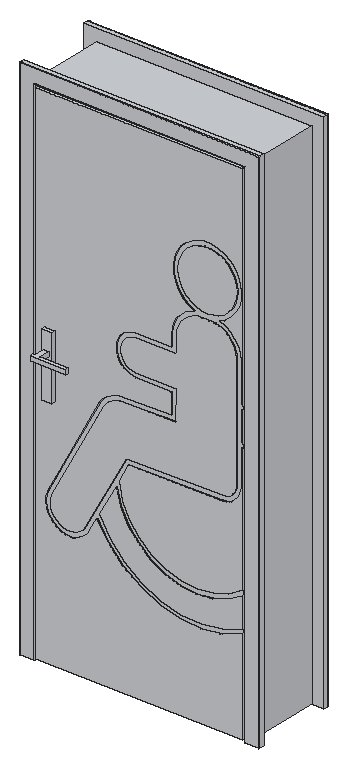
Revit family "PortaVECTORbp_N", category Drzwi, Revit 2016
Family settings
  Obiekt nadrzędny = Ściana
  Zawsze pionowo = Tak
  Tnij formami wycięć po wczytaniu = Nie
  Współdzielony = Nie
  Punkt obliczania pomieszczeń = Nie
Parameters (values of type "PN 80")
  Zakres szerokości muru [instance] = if(and(Szerokość ściany > 94 mm, Szerokość ściany < 120 mm), "B", (if(and(Szerokość ściany > 119 mm, Szerokość ściany < 140 mm), "C", (if(and(Szerokość ściany > 139 mm, Szerokość ściany < 160 mm), "D", (if(and(Szerokość ściany > 159 mm, Szerokość ściany < 180 mm), "E", (if(and(Szerokość ściany > 179 mm, Szerokość ściany < 200 mm), "F", (if(and(Szerokość ściany > 199 mm, Szerokość ściany < 220 mm), "G", (if(and(Szerokość ściany > 219 mm, Szerokość ściany < 240 mm), "H", (if(and(Szerokość ściany > 239 mm, Szerokość ściany < 260 mm), "I", (if(and(Szerokość ściany > 259 mm, Szerokość ściany < 280 mm), "J", (if(and(Szerokość ściany > 279 mm, Szerokość ściany < 301 mm), "K", "BRAK")))))))))))))))))))  # "K"
  Wysokość brutto = 2060 mm
  Szerokość ściany [instance] = 300 mm
  Szerokość brutto = 880 mm
  Model = "Porta Vector N"
  Konstrukcja analityczna = "<Brak>"
  Funkcja = Wewnętrzna
  URL = "www.porta.com.pl"
  Ss = 818 mm
  Sb = 846 mm
  Producent = "PORTA KMI POLAND"
  Keynote = ""
  Opis = "Własność Porta KMI Poland, wszelkie prawa zastrzeżone."  # constant formula
  Wysokość = 2016 mm
  Zakończenie ściany = Wg obiektu nadrzędnego
  Szerokość = 800 mm
  Materiał_skrzydło [instance] = none
  Materiał_ościeżnica [instance] = none
  Materiał_klamka [instance] = none
  Hs = 2017 mm
Types (5, lengths in mm): name | Szerokość brutto | Ss | Sb | Szerokość
  PN 70 | 780 | 718 | 746 | 700
  PN 60 | 680 | 618 | 646 | 600
  PN 80 | 880 | 818 | 846 | 800
  PN 90 | 980 | 918 | 946 | 900
  PN 100 | 1080 | 1018 | 1046 | 1000
Reference planes
  plane 1: y = 0
  plane 2 "Środek (Lewa/Prawa)": x = 0
  plane 3 "Lewy": x = -440
  plane 4 "Prawy": x = 440
  plane 5: z = 2060
  plane 6 "Zewnętrzna": y = 150
  plane 7 "Wewnętrzna": y = -150
  plane 8 "skrzydło": y = -129
  plane 9: x = -409
  plane 10: x = 409
Forms (mm)
  Sweep 1, solid, material <- "Materiał_ościeżnica"
    path in 3D
      loop
        line (-440, -150, 0) -> (-440, -150, 2060) -> (440, -150, 2060) -> (440, -150, 0)
    profile origin (-440, -150, 1030) x (0, -1, 0) y (1, 0, 0)
      loop
        line (-24, 39) -> (-72, 39) -> (-72, 17) -> (0, 17) -> (0, -33) -> (16, -33)
        arc (16, -33) -> (18.121, -32.121) -> (19, -30) r 3
        line (19, -30) -> (19, 24)
        arc (19, 24) -> (18.121, 26.121) -> (16, 27) r 3
        line (16, 27) -> (-24, 27) -> (-24, 39)
  Sweep 2, solid, material <- "Materiał_ościeżnica"
    path in 3D
      loop
        line (440, 150, 0) -> (440, 150, 2060) -> (-440, 150, 2060) -> (-440, 150, 0)
    profile origin (-440, 150, 1030) x (1, 0, 0) y (0, 1, 0)
      loop
        line (-33, 0) -> (17, 0) -> (17, -228) -> (39, -228) -> (39, -1)
        arc (39, -1) -> (37.536, 2.536) -> (34, 4) r 5
        line (34, 4) -> (25, 4) -> (25, 16)
        arc (25, 16) -> (24.121, 18.121) -> (22, 19) r 3
        line (22, 19) -> (-30, 19)
        arc (-30, 19) -> (-32.121, 18.121) -> (-33, 16) r 3
        line (-33, 16) -> (-33, 0)
  Sweep 3, solid, not visible
    path in 3D
      loop
        line (-440, -150, 0) -> (-440, -150, 2060)
    profile origin (-440, -150, 1030) x (0, -1, 0) y (1, 0, 0)
      loop
        line (-151, 17) -> (-149, 17) -> (-149, 19) -> (-151, 19) -> (-151, 17)
Cuts and joins
  joined: Sweep 1, Sweep 2
Lines and regions (mm)
  Opening 1
    outline origin (-3050, -150, 0) x (1, 0, 0) y (0, 0, 1)
      loop
        line (2610, 0) -> (3490, 0) -> (3490, 2060) -> (2610, 2060) -> (2610, 0)
  sketch lines
    curve 1: line (-440, -150, 0) -> (-440, -150, 2060)
    curve 2: line (-440, -150, 2060) -> (440, -150, 2060)
    curve 3: line (440, -150, 2060) -> (440, -150, 0)
    curve 4: line (-440, 150, 2060) -> (-440, 150, 0)
    curve 5: line (440, 150, 2060) -> (-440, 150, 2060)
    curve 6: line (440, 150, 0) -> (440, 150, 2060)
    curve 12: line (-440, -150, 0) -> (-440, -150, 2060)
  symbolic lines, style "DoorsPanelProjection"
    curve 7: line (409, -150, 0) -> (409, -968, 0)
    curve 8: line (409, -968, 0) -> (369, -968, 0)
    curve 9: line (369, -968, 0) -> (369, -150, 0)
    curve 10: line (369, -150, 0) -> (409, -150, 0)
  symbolic lines, style "Ugięcie rzutu"
    curve 11: arc (-409, -150, 0) -> (-169.413, -728.413, 0) -> (409, -968, 0) r 818
Text (mm)
  text "Zewnętrzna" at (-2295.016, 1099.543, 0), in view "Poziom odniesienia"
  text "Zewnętrzna" at (0, 1615.38, 3698.081), in view "Lewy"
  text "Zewnętrzna" at (0, 1036.032, 3874.932), in view "Prawy"
Dimensions and locks
  equal spacing: plane 3 "Lewy", plane 2 "Środek (Lewa/Prawa)", plane 4 "Prawy"
  "Szerokość brutto": plane 3 "Lewy" to plane 4 "Prawy"
  "Wysokość brutto": plane 5 to host wall
  host wall to plane 5 = 2060 mm  (x2)
  locked: plane 6 "Zewnętrzna" to host wall at 0
  locked: plane 7 "Wewnętrzna" to host wall
  "Sb": Sweep 1 to Sweep 1
  locked: Sweep 1 sketch curve to Sweep 1 sketch curve at 22
  Sweep 1 sketch curve to Sweep 1 sketch curve = 50 mm
  locked: Sweep 1 sketch curve to profile plane at 72
  locked: Sweep 2 sketch curve to Sweep 2 sketch curve at 50
  locked: Sweep 2 sketch curve to Sweep 2 sketch curve at 22
  locked: Sweep 2 sketch curve to plane 6 "Zewnętrzna" at 1
  locked: curve 9 to curve 7 at 40
  "Ss": curve 8 to curve 10
  equal spacing: curve 11, plane 2 "Środek (Lewa/Prawa)", curve 7
  locked: plane 7 "Wewnętrzna" to plane 8 "skrzydło" at 21
  locked: host wall to Sweep 3 sketch curve at 1
  locked: Sweep 3 sketch curve to host wall at 1
  locked: Sweep 3 sketch curve to plane 6 "Zewnętrzna" at 151
  locked: plane 7 "Wewnętrzna" to Sweep 3 sketch curve at 151
  nested 1 to plane 2 "Środek (Lewa/Prawa)" to nested 1 = 409 mm, 409 mm
  locked: nested 1 to level at 8
  "Szerokość ściany": host wall to host wall
  equal spacing: plane 9, plane 2 "Środek (Lewa/Prawa)", plane 10
  "Ss": plane 9 to plane 10
  aligned and locked: plane 3 "Lewy" to Opening 1 sketch curve
  aligned and locked: plane 5 to Opening 1 sketch curve  (x2)
  aligned and locked: Opening 1 sketch curve to plane 4 "Prawy"
  aligned and locked: Opening 1 sketch curve to level
  aligned and locked: plane 1 to host wall
  aligned and locked: Sweep 1 to Sweep 2 sketch curve
  aligned and locked: plane 7 "Wewnętrzna" to curve 10
  aligned and locked: Sweep 3 sketch curve to cut or joined group of Sweep 1, Sweep 2
  aligned and locked: Sweep 2 sketch curve to cut or joined group of Sweep 1, Sweep 2
  aligned and locked: nested 1 to plane 8 "skrzydło"
  aligned and locked: nested 1 to plane 10
Automatic sketch dimensions
  profile plane to Sweep 1 sketch curve = 24 mm
  Sweep 1 sketch curve to profile plane = 16 mm  (x2)
  Sweep 1 sketch curve to Sweep 1 sketch curve = 3 mm
  profile plane to Sweep 1 sketch curve = 17 mm
  Sweep 1 sketch curve to Sweep 1 sketch curve = 7 mm
  Sweep 1 sketch curve to profile plane = 0 mm
  Sweep 2 sketch curve to profile plane = 0 mm
  Sweep 2 sketch curve to profile plane = 16 mm
  Sweep 2 sketch curve to Sweep 2 sketch curve = 3 mm
  Sweep 2 sketch curve to Sweep 2 sketch curve = 5 mm
  Sweep 2 sketch curve to profile plane = 4 mm
  Sweep 2 sketch curve to Sweep 2 sketch curve = 8 mm
  curve 11 to host wall = 0 mm
  Sweep 3 sketch curve to Sweep 3 sketch curve = 2 mm
Nested families
  nested 1: "skrzydło" at (0, -135.5, 0), Materiał_klamka <- "Materiał_klamka", Materiał_skrzydło <- "Materiał_skrzydło", type "skrzydło"
    with Materiał_skrzydło none, Materiał_klamka none, Ss 818 mm
Definition of nested family "skrzydło"
  Parameters
    Ss = 918 mm
    Materiał_skrzydło [instance] = none
    Materiał_klamka [instance] = none
    Hs = 2017 mm
  Reference planes
    plane 1 "Tył": y = 6.5
    plane 2: z = 0
    plane 3 "Środek (Lewa/Prawa)": x = 0
    plane 4 "Prawa": x = 409
    plane 5 "Przód": y = -33.5
    plane 6: z = 2025
    plane 7 "Centrum": y = -13.5
    plane 8: z = 8
    plane 9: x = -509
  Forms (mm)
    Extrusion 1, solid, material <- "Materiał_skrzydło"
      sketch origin (-1191.728, -1524, 8) x (-1, 0, 0) y (0, -1, 0)
        loop
          line (-1600.728, -1490.5) -> (-1600.728, -1530.5) -> (-682.728, -1530.5) -> (-682.728, -1490.5) -> (-1600.728, -1490.5)
      from 0 to 2017
    Extrusion 2, void
      sketch origin (-2140.117, -33.5, 1200) x (1, 0, 0) y (0, 0, 1)
        loop
          arc (1973.616, -611.636) -> (2691.524, -717.975) -> (2541.953, -7.815) r 442.122
          line (2541.953, -7.815) -> (2541.924, 144.784)
          arc (2541.924, 144.784) -> (2517.019, 213.421) -> (2457.405, 255.582) r 122.127
          arc (2457.405, 255.582) -> (2411.835, 516.811) -> (2357.683, 257.225) r 134.996
          arc (2357.683, 257.225) -> (2293.855, 215.008) -> (2267.666, 143.103) r 122.162
          line (2267.666, 143.103) -> (2267.539, 96.09) -> (2124.58, 96.044)
          arc (2124.58, 96.044) -> (2048.513, 15.979) -> (2128.281, -60.4) r 78.245
          line (2128.281, -60.4) -> (2267.217, -60.905) -> (2267.002, -142.168) -> (2063.516, -147.24)
          arc (2063.516, -147.24) -> (2018.707, -162.99) -> (1985.147, -196.6) r 106.878
          line (1985.147, -196.6) -> (1776.787, -585.39)
          arc (1776.787, -585.39) -> (1824.745, -703.672) -> (1945.804, -663.231) r 93.224
          line (1945.804, -663.231) -> (1973.616, -611.636)
        loop
          arc (1983.641, -593.066) -> (2670.512, -714.029) -> (2543.096, -28.326) r 424.38
          line (2543.096, -28.326) -> (2543.604, -140.995)
          arc (2543.604, -140.995) -> (2549.278, -684.626) -> (2048.648, -472.642) r 324.956
          line (2048.648, -472.642) -> (1983.641, -593.066)
        loop
          arc (2060.947, -449.626) -> (2524.466, -678.321) -> (2541.973, -161.751) r 307.589
          line (2541.973, -161.751) -> (2541.992, -298.909)
          arc (2541.992, -298.909) -> (2520.811, -351.635) -> (2468.64, -374.148) r 74.599
          line (2468.64, -374.148) -> (2099.59, -378.042) -> (2060.947, -449.626)
        loop
          circle (2409.635, 381.866) r 116.971
        loop
          arc (2523.926, 144.607) -> (2491.909, 214.335) -> (2421.006, 243.656) r 104.977
          line (2421.006, 243.656) -> (2389.805, 243.662)
          arc (2389.805, 243.662) -> (2317.586, 214.12) -> (2285.664, 142.921) r 105.046
          line (2285.664, 142.921) -> (2285.488, 78.096) -> (2124.619, 78.044)
          arc (2124.619, 78.044) -> (2066.535, 16.905) -> (2126.53, -42.361) r 60.222
          line (2126.53, -42.361) -> (2285.264, -42.971) -> (2284.961, -159.726) -> (2064.277, -165.227)
          arc (2064.277, -165.227) -> (2027.277, -179.343) -> (1999.626, -207.694) r 92.091
          line (1999.626, -207.694) -> (1793.184, -592.897)
          arc (1793.184, -592.897) -> (1830.762, -686.582) -> (1927.725, -658.522) r 75.221
          line (1927.725, -658.522) -> (2088.789, -360.155) -> (2467.864, -356.156)
          arc (2467.864, -356.156) -> (2507.368, -339.535) -> (2523.994, -300.035) r 56.768
          line (2523.994, -300.035) -> (2523.926, 144.607)
      from -1 to 10
    Extrusion 3, void
      sketch origin (-2140.117, 6.5, 1200) x (1, 0, 0) y (0, 0, -1)
        loop
          line (1973.616, 611.636) -> (1945.804, 663.231)
          arc (1945.804, 663.231) -> (1824.745, 703.672) -> (1776.787, 585.39) r 93.224
          line (1776.787, 585.39) -> (1985.147, 196.6)
          arc (1985.147, 196.6) -> (2018.707, 162.99) -> (2063.516, 147.24) r 106.878
          line (2063.516, 147.24) -> (2267.002, 142.168) -> (2267.217, 60.905) -> (2128.281, 60.4)
          arc (2128.281, 60.4) -> (2048.513, -15.979) -> (2124.58, -96.044) r 78.245
          line (2124.58, -96.044) -> (2267.539, -96.09) -> (2267.666, -143.103)
          arc (2267.666, -143.103) -> (2293.855, -215.008) -> (2357.683, -257.225) r 122.162
          arc (2357.683, -257.225) -> (2411.835, -516.811) -> (2457.405, -255.582) r 134.996
          arc (2457.405, -255.582) -> (2517.019, -213.421) -> (2541.924, -144.784) r 122.127
          line (2541.924, -144.784) -> (2541.953, 7.815)
          arc (2541.953, 7.815) -> (2691.524, 717.975) -> (1973.616, 611.636) r 442.122
        loop
          line (1983.641, 593.066) -> (2048.648, 472.642)
          arc (2048.648, 472.642) -> (2549.278, 684.626) -> (2543.604, 140.995) r 324.956
          line (2543.604, 140.995) -> (2543.096, 28.326)
          arc (2543.096, 28.326) -> (2670.512, 714.029) -> (1983.641, 593.066) r 424.38
        loop
          line (2060.947, 449.626) -> (2099.59, 378.042) -> (2468.64, 374.148)
          arc (2468.64, 374.148) -> (2520.811, 351.635) -> (2541.992, 298.909) r 74.599
          line (2541.992, 298.909) -> (2541.973, 161.751)
          arc (2541.973, 161.751) -> (2524.466, 678.321) -> (2060.947, 449.626) r 307.589
        loop
          circle (2409.635, -381.866) r 116.971
        loop
          line (2523.926, -144.607) -> (2523.994, 300.035)
          arc (2523.994, 300.035) -> (2507.368, 339.535) -> (2467.864, 356.156) r 56.768
          line (2467.864, 356.156) -> (2088.789, 360.155) -> (1927.725, 658.522)
          arc (1927.725, 658.522) -> (1830.762, 686.582) -> (1793.184, 592.897) r 75.221
          line (1793.184, 592.897) -> (1999.626, 207.694)
          arc (1999.626, 207.694) -> (2027.277, 179.343) -> (2064.277, 165.227) r 92.091
          line (2064.277, 165.227) -> (2284.961, 159.726) -> (2285.264, 42.971) -> (2126.53, 42.361)
          arc (2126.53, 42.361) -> (2066.535, -16.905) -> (2124.619, -78.044) r 60.222
          line (2124.619, -78.044) -> (2285.488, -78.096) -> (2285.664, -142.921)
          arc (2285.664, -142.921) -> (2317.586, -214.12) -> (2389.805, -243.662) r 105.046
          line (2389.805, -243.662) -> (2421.006, -243.656)
          arc (2421.006, -243.656) -> (2491.909, -214.335) -> (2523.926, -144.607) r 104.977
      from -1 to 10
  Cuts and joins
    Extrusion 2, Extrusion 3 cuts Extrusion 1
  Dimensions and locks
    locked: plane 8 to level at 8
    "Hs": plane 6 to plane 8
    locked: nested 1 to plane 8 at 934
    locked: plane 8 to nested 2 at 934
    equal spacing: plane 5 "Przód", plane 7 "Centrum", plane 1 "Tył"
    "Ss": plane 9 to plane 4 "Prawa"
    locked: plane 9 to nested 1 at 55
    locked: plane 9 to nested 2 at 55
    aligned and locked: nested 1 to plane 5 "Przód"
    aligned and locked: plane 6 to Extrusion 1
    aligned and locked: nested 2 to nested 1
    aligned and locked: Extrusion 1 sketch curve to plane 4 "Prawa"
    aligned and locked: plane 9 to Extrusion 1 sketch curve
  Automatic sketch dimensions
    plane 1 "Tył" to Extrusion 1 sketch curve = 0 mm
    Extrusion 1 sketch curve to plane 5 "Przód" = 0 mm
    Extrusion 2 sketch curve to Extrusion 2 sketch curve = 16.396 mm
    Extrusion 2 sketch curve to Extrusion 2 sketch curve = 70.555 mm
    Extrusion 2 sketch curve to Extrusion 2 sketch curve = 0.004 mm
    Extrusion 2 sketch curve to Extrusion 2 sketch curve = 63.982 mm
    Extrusion 2 sketch curve to Extrusion 2 sketch curve = 0 mm  (x11)
    Extrusion 2 sketch curve to Extrusion 2 sketch curve = 18.08 mm
    Extrusion 2 sketch curve to Extrusion 2 sketch curve = 27.812 mm
    Extrusion 2 sketch curve to Extrusion 2 sketch curve = 10.024 mm
    Extrusion 2 sketch curve to plane 3 "Środek (Lewa/Prawa)" = 154.971 mm
    Extrusion 2 sketch curve to Extrusion 2 sketch curve = 14.48 mm
    Extrusion 2 sketch curve to plane 3 "Środek (Lewa/Prawa)" = 91.469 mm
    Extrusion 2 sketch curve to Extrusion 2 sketch curve = 12.299 mm
    Extrusion 2 sketch curve to plane 3 "Środek (Lewa/Prawa)" = 76.602 mm
    Extrusion 2 sketch curve to Extrusion 2 sketch curve = 0.762 mm
    Extrusion 2 sketch curve to plane 3 "Środek (Lewa/Prawa)" = 64.451 mm
    Extrusion 2 sketch curve to Extrusion 2 sketch curve = 2.17 mm
    Extrusion 2 sketch curve to plane 3 "Środek (Lewa/Prawa)" = 51.328 mm
    Extrusion 2 sketch curve to Extrusion 2 sketch curve = 10.801 mm
    Extrusion 2 sketch curve to plane 3 "Środek (Lewa/Prawa)" = 15.537 mm
    Extrusion 2 sketch curve to plane 3 "Środek (Lewa/Prawa)" = 15.498 mm
    Extrusion 2 sketch curve to plane 3 "Środek (Lewa/Prawa)" = 13.587 mm
    Extrusion 2 sketch curve to plane 3 "Środek (Lewa/Prawa)" = 13.382 mm
    Extrusion 2 sketch curve to Extrusion 2 sketch curve = 0.013 mm
    Extrusion 2 sketch curve to plane 3 "Środek (Lewa/Prawa)" = 11.836 mm
    plane 3 "Środek (Lewa/Prawa)" to Extrusion 2 sketch curve = 126.885 mm
    Extrusion 2 sketch curve to Extrusion 2 sketch curve = 0.215 mm
    plane 3 "Środek (Lewa/Prawa)" to Extrusion 2 sketch curve = 127.422 mm
    Extrusion 2 sketch curve to Extrusion 2 sketch curve = 0.127 mm
    Extrusion 2 sketch curve to Extrusion 2 sketch curve = 17.959 mm
    Extrusion 2 sketch curve to Extrusion 2 sketch curve = 18.047 mm
    Extrusion 2 sketch curve to Extrusion 2 sketch curve = 17.949 mm
    Extrusion 2 sketch curve to Extrusion 2 sketch curve = 17.998 mm
    Extrusion 2 sketch curve to Extrusion 2 sketch curve = 72.019 mm
    Extrusion 2 sketch curve to plane 4 "Prawa" = 182.606 mm
    Extrusion 2 sketch curve to Extrusion 2 sketch curve = 1.88 mm
    Extrusion 2 sketch curve to Extrusion 2 sketch curve = 0.631 mm
    Extrusion 2 sketch curve to Extrusion 2 sketch curve = 0.557 mm
    Extrusion 2 sketch curve to Extrusion 2 sketch curve = 104.106 mm
    Extrusion 2 sketch curve to Extrusion 2 sketch curve = 32.122 mm
    Extrusion 2 sketch curve to Extrusion 2 sketch curve = 0.851 mm
    Extrusion 2 sketch curve to Extrusion 2 sketch curve = 51.928 mm
    Extrusion 2 sketch curve to Extrusion 2 sketch curve = 0.025 mm
    Extrusion 2 sketch curve to Extrusion 2 sketch curve = 28.494 mm
    Extrusion 2 sketch curve to Extrusion 2 sketch curve = 0.803 mm
    Extrusion 2 sketch curve to Extrusion 2 sketch curve = 31.201 mm
    Extrusion 2 sketch curve to Extrusion 2 sketch curve = 36.399 mm
    Extrusion 2 sketch curve to plane 4 "Prawa" = 81.887 mm
    Extrusion 2 sketch curve to Extrusion 2 sketch curve = 0.166 mm
    Extrusion 2 sketch curve to Extrusion 2 sketch curve = 0.469 mm
    Extrusion 2 sketch curve to Extrusion 2 sketch curve = 0.776 mm
    Extrusion 2 sketch curve to plane 4 "Prawa" = 25.191 mm
    Extrusion 2 sketch curve to plane 4 "Prawa" = 25.123 mm
    Extrusion 2 sketch curve to plane 4 "Prawa" = 7.193 mm
    Extrusion 2 sketch curve to plane 4 "Prawa" = 7.164 mm
    Extrusion 2 sketch curve to plane 4 "Prawa" = 7.145 mm
    Extrusion 2 sketch curve to plane 4 "Prawa" = 7.125 mm
    Extrusion 2 sketch curve to plane 4 "Prawa" = 6.021 mm
    Extrusion 2 sketch curve to plane 4 "Prawa" = 5.514 mm
    plane 8 to Extrusion 2 sketch curve = 528.769 mm
    Extrusion 2 sketch curve to Extrusion 2 sketch curve = 4.709 mm
    Extrusion 2 sketch curve to Extrusion 2 sketch curve = 39.526 mm
    Extrusion 2 sketch curve to Extrusion 2 sketch curve = 0.022 mm
    Extrusion 2 sketch curve to Extrusion 2 sketch curve = 51.595 mm
    Extrusion 2 sketch curve to Extrusion 2 sketch curve = 18.57 mm
    Extrusion 2 sketch curve to Extrusion 2 sketch curve = 120.424 mm
    Extrusion 2 sketch curve to Extrusion 2 sketch curve = 23.016 mm
    Extrusion 2 sketch curve to Extrusion 2 sketch curve = 34.265 mm
    Extrusion 2 sketch curve to Extrusion 2 sketch curve = 0.411 mm
    Extrusion 2 sketch curve to Extrusion 2 sketch curve = 0.693 mm
    Extrusion 2 sketch curve to Extrusion 2 sketch curve = 0.282 mm
    Extrusion 2 sketch curve to Extrusion 2 sketch curve = 71.584 mm
    Extrusion 2 sketch curve to Extrusion 2 sketch curve = 40.802 mm
    Extrusion 2 sketch curve to Extrusion 2 sketch curve = 17.887 mm
    Extrusion 2 sketch curve to Extrusion 2 sketch curve = 17.993 mm
    Extrusion 2 sketch curve to Extrusion 2 sketch curve = 56.121 mm
    Extrusion 2 sketch curve to Extrusion 2 sketch curve = 0.168 mm
    Extrusion 2 sketch curve to Extrusion 2 sketch curve = 103.841 mm
    Extrusion 2 sketch curve to Extrusion 2 sketch curve = 2.888 mm
    Extrusion 2 sketch curve to Extrusion 2 sketch curve = 45.732 mm
    Extrusion 2 sketch curve to Extrusion 2 sketch curve = 11.094 mm
    Extrusion 2 sketch curve to Extrusion 2 sketch curve = 5.501 mm
    Extrusion 2 sketch curve to Extrusion 2 sketch curve = 17.558 mm
    Extrusion 2 sketch curve to Extrusion 2 sketch curve = 81.263 mm
    Extrusion 2 sketch curve to Extrusion 2 sketch curve = 86.841 mm
    Extrusion 2 sketch curve to Extrusion 2 sketch curve = 17.935 mm
    Extrusion 2 sketch curve to Extrusion 2 sketch curve = 18.006 mm
    Extrusion 2 sketch curve to Extrusion 2 sketch curve = 0.032 mm
    Extrusion 2 sketch curve to Extrusion 2 sketch curve = 60.191 mm
    Extrusion 2 sketch curve to Extrusion 2 sketch curve = 0.031 mm
    Extrusion 2 sketch curve to Extrusion 2 sketch curve = 121.067 mm
    Extrusion 2 sketch curve to Extrusion 2 sketch curve = 17.994 mm
    Extrusion 2 sketch curve to Extrusion 2 sketch curve = 60.524 mm
    Extrusion 2 sketch curve to Extrusion 2 sketch curve = 0.076 mm
    Extrusion 2 sketch curve to Extrusion 2 sketch curve = 0.655 mm
    Extrusion 2 sketch curve to Extrusion 2 sketch curve = 0.733 mm
    Extrusion 2 sketch curve to Extrusion 2 sketch curve = 46.831 mm
    Extrusion 2 sketch curve to Extrusion 2 sketch curve = 0.182 mm
    Extrusion 2 sketch curve to Extrusion 2 sketch curve = 5.256 mm
    Extrusion 2 sketch curve to Extrusion 2 sketch curve = 0.177 mm
    Extrusion 2 sketch curve to Extrusion 2 sketch curve = 0.033 mm
    Extrusion 3 sketch curve to Extrusion 3 sketch curve = 16.396 mm
    Extrusion 3 sketch curve to Extrusion 3 sketch curve = 70.555 mm
    Extrusion 3 sketch curve to Extrusion 3 sketch curve = 0.004 mm
    Extrusion 3 sketch curve to Extrusion 3 sketch curve = 63.982 mm
    Extrusion 3 sketch curve to Extrusion 3 sketch curve = 0 mm  (x11)
    Extrusion 3 sketch curve to Extrusion 3 sketch curve = 18.08 mm
    Extrusion 3 sketch curve to Extrusion 3 sketch curve = 27.812 mm
    Extrusion 3 sketch curve to Extrusion 3 sketch curve = 10.024 mm
    Extrusion 3 sketch curve to plane 3 "Środek (Lewa/Prawa)" = 154.971 mm
    Extrusion 3 sketch curve to Extrusion 3 sketch curve = 14.48 mm
    Extrusion 3 sketch curve to plane 3 "Środek (Lewa/Prawa)" = 91.469 mm
    Extrusion 3 sketch curve to Extrusion 3 sketch curve = 12.299 mm
    Extrusion 3 sketch curve to plane 3 "Środek (Lewa/Prawa)" = 76.602 mm
    Extrusion 3 sketch curve to Extrusion 3 sketch curve = 0.762 mm
    Extrusion 3 sketch curve to plane 3 "Środek (Lewa/Prawa)" = 64.451 mm
    Extrusion 3 sketch curve to Extrusion 3 sketch curve = 2.17 mm
    Extrusion 3 sketch curve to plane 3 "Środek (Lewa/Prawa)" = 51.328 mm
    Extrusion 3 sketch curve to Extrusion 3 sketch curve = 10.801 mm
    Extrusion 3 sketch curve to plane 3 "Środek (Lewa/Prawa)" = 15.537 mm
    Extrusion 3 sketch curve to plane 3 "Środek (Lewa/Prawa)" = 15.498 mm
    Extrusion 3 sketch curve to plane 3 "Środek (Lewa/Prawa)" = 13.587 mm
    Extrusion 3 sketch curve to plane 3 "Środek (Lewa/Prawa)" = 13.382 mm
    Extrusion 3 sketch curve to Extrusion 3 sketch curve = 0.013 mm
    Extrusion 3 sketch curve to plane 3 "Środek (Lewa/Prawa)" = 11.836 mm
    plane 3 "Środek (Lewa/Prawa)" to Extrusion 3 sketch curve = 126.885 mm
    Extrusion 3 sketch curve to Extrusion 3 sketch curve = 0.215 mm
    plane 3 "Środek (Lewa/Prawa)" to Extrusion 3 sketch curve = 127.422 mm
    Extrusion 3 sketch curve to Extrusion 3 sketch curve = 0.127 mm
    Extrusion 3 sketch curve to Extrusion 3 sketch curve = 17.959 mm
    Extrusion 3 sketch curve to Extrusion 3 sketch curve = 18.047 mm
    Extrusion 3 sketch curve to Extrusion 3 sketch curve = 17.949 mm
    Extrusion 3 sketch curve to Extrusion 3 sketch curve = 17.998 mm
    Extrusion 3 sketch curve to Extrusion 3 sketch curve = 72.019 mm
    Extrusion 3 sketch curve to plane 4 "Prawa" = 182.606 mm
    Extrusion 3 sketch curve to Extrusion 3 sketch curve = 1.88 mm
    Extrusion 3 sketch curve to Extrusion 3 sketch curve = 0.631 mm
    Extrusion 3 sketch curve to Extrusion 3 sketch curve = 0.557 mm
    Extrusion 3 sketch curve to Extrusion 3 sketch curve = 104.106 mm
    Extrusion 3 sketch curve to Extrusion 3 sketch curve = 32.122 mm
    Extrusion 3 sketch curve to Extrusion 3 sketch curve = 0.851 mm
    Extrusion 3 sketch curve to Extrusion 3 sketch curve = 51.928 mm
    Extrusion 3 sketch curve to Extrusion 3 sketch curve = 0.025 mm
    Extrusion 3 sketch curve to Extrusion 3 sketch curve = 28.494 mm
    Extrusion 3 sketch curve to Extrusion 3 sketch curve = 0.803 mm
    Extrusion 3 sketch curve to Extrusion 3 sketch curve = 31.201 mm
    Extrusion 3 sketch curve to Extrusion 3 sketch curve = 36.399 mm
    Extrusion 3 sketch curve to plane 4 "Prawa" = 81.887 mm
    Extrusion 3 sketch curve to Extrusion 3 sketch curve = 0.166 mm
    Extrusion 3 sketch curve to Extrusion 3 sketch curve = 0.469 mm
    Extrusion 3 sketch curve to Extrusion 3 sketch curve = 0.776 mm
    Extrusion 3 sketch curve to plane 4 "Prawa" = 25.191 mm
    Extrusion 3 sketch curve to plane 4 "Prawa" = 25.123 mm
    Extrusion 3 sketch curve to plane 4 "Prawa" = 7.193 mm
    Extrusion 3 sketch curve to plane 4 "Prawa" = 7.164 mm
    Extrusion 3 sketch curve to plane 4 "Prawa" = 7.145 mm
    Extrusion 3 sketch curve to plane 4 "Prawa" = 7.125 mm
    Extrusion 3 sketch curve to plane 4 "Prawa" = 6.021 mm
    Extrusion 3 sketch curve to plane 4 "Prawa" = 5.514 mm
    Extrusion 3 sketch curve to plane 6 = 443.134 mm
    Extrusion 3 sketch curve to Extrusion 3 sketch curve = 0.033 mm
    Extrusion 3 sketch curve to Extrusion 3 sketch curve = 124.609 mm
    Extrusion 3 sketch curve to Extrusion 3 sketch curve = 13.563 mm
    Extrusion 3 sketch curve to Extrusion 3 sketch curve = 0.006 mm
    Extrusion 3 sketch curve to Extrusion 3 sketch curve = 110.798 mm
    Extrusion 3 sketch curve to Extrusion 3 sketch curve = 0.177 mm
    Extrusion 3 sketch curve to Extrusion 3 sketch curve = 114.122 mm
    Extrusion 3 sketch curve to Extrusion 3 sketch curve = 0.182 mm
    Extrusion 3 sketch curve to Extrusion 3 sketch curve = 47.013 mm
    Extrusion 3 sketch curve to Extrusion 3 sketch curve = 0.046 mm
    Extrusion 3 sketch curve to Extrusion 3 sketch curve = 17.994 mm
    Extrusion 3 sketch curve to Extrusion 3 sketch curve = 18 mm
    Extrusion 3 sketch curve to Extrusion 3 sketch curve = 60.184 mm
    Extrusion 3 sketch curve to Extrusion 3 sketch curve = 0.031 mm
    Extrusion 3 sketch curve to Extrusion 3 sketch curve = 152.598 mm
    Extrusion 3 sketch curve to Extrusion 3 sketch curve = 20.511 mm
    Extrusion 3 sketch curve to Extrusion 3 sketch curve = 0.032 mm
    Extrusion 3 sketch curve to Extrusion 3 sketch curve = 121.067 mm
    Extrusion 3 sketch curve to Extrusion 3 sketch curve = 17.935 mm
    Extrusion 3 sketch curve to Extrusion 3 sketch curve = 112.669 mm
    Extrusion 3 sketch curve to Extrusion 3 sketch curve = 81.263 mm
    Extrusion 3 sketch curve to Extrusion 3 sketch curve = 86.841 mm
    Extrusion 3 sketch curve to Extrusion 3 sketch curve = 17.558 mm
    Extrusion 3 sketch curve to Extrusion 3 sketch curve = 20.757 mm
    Extrusion 3 sketch curve to Extrusion 3 sketch curve = 17.987 mm
    Extrusion 3 sketch curve to Extrusion 3 sketch curve = 31.373 mm
    Extrusion 3 sketch curve to Extrusion 3 sketch curve = 11.094 mm
    Extrusion 3 sketch curve to Extrusion 3 sketch curve = 137.157 mm
    Extrusion 3 sketch curve to Extrusion 3 sketch curve = 0.483 mm
    Extrusion 3 sketch curve to Extrusion 3 sketch curve = 0.168 mm
    Extrusion 3 sketch curve to Extrusion 3 sketch curve = 1.126 mm
    Extrusion 3 sketch curve to Extrusion 3 sketch curve = 103.841 mm
    Extrusion 3 sketch curve to Extrusion 3 sketch curve = 17.887 mm
    Extrusion 3 sketch curve to Extrusion 3 sketch curve = 40.238 mm
    Extrusion 3 sketch curve to Extrusion 3 sketch curve = 0.282 mm  (x2)
    Extrusion 3 sketch curve to Extrusion 3 sketch curve = 0.411 mm
    Extrusion 3 sketch curve to Extrusion 3 sketch curve = 26.246 mm
    Extrusion 3 sketch curve to Extrusion 3 sketch curve = 7.507 mm
    Extrusion 3 sketch curve to Extrusion 3 sketch curve = 26.078 mm
    Extrusion 3 sketch curve to Extrusion 3 sketch curve = 0.022 mm
    Extrusion 2 sketch curve to Extrusion 2 sketch curve = 65.008 mm
    Extrusion 3 sketch curve to Extrusion 3 sketch curve = 65.008 mm
    radius of Extrusion 2 sketch curve = 116.971 mm
    radius of Extrusion 3 sketch curve = 116.971 mm
  Nested families
    nested 1: "KLAMKA" at (-454, -33.5, 1067), Materiał klamki <- "Materiał_klamka", type "KLAMKA"
      with Materiał klamki none
    nested 2: "KLAMKA" at (-454, 6.5, 1067), Materiał klamki <- "Materiał_klamka", type "KLAMKA"
      with Materiał klamki none
  Definition of nested family "KLAMKA"
    Parameters
      Materiał klamki [instance] = none
      Assembly Code = ""
      Default Elevation = 1219.2 mm
    Reference planes
      plane 1 "Center (Front/Back)": y = 0
      plane 2: z = 0
      plane 3 "Center (Left/Right)": x = 0
      plane 4: z = 125
      plane 5: z = -125
      plane 6: x = 20
      plane 7: x = -20
      plane 8: y = -70
      plane 9: y = -60
      plane 10: x = 10
      plane 11: x = -10
      plane 12: x = 120
      plane 13: z = 35
      plane 14: z = 55
      plane 15: y = -15
    Forms (mm)
      Extrusion 1, solid, material <- "Materiał klamki"
        sketch origin (0, 0, 0) x (1, 0, 0) y (0, 0, 1)
          loop
            line (-20, 125) -> (-20, -125) -> (20, -125) -> (20, 125) -> (-20, 125)
        from 0 to 15
      Extrusion 2, solid, material <- "Materiał klamki"
        sketch origin (0, 0, 0) x (1, 0, 0) y (0, 1, 0)
          loop
            line (-10, -15) -> (-10, -60) -> (-20, -60) -> (-20, -70) -> (120, -70) -> (120, -60) -> (10, -60) -> (10, -15) -> (-10, -15)
        from 35 to 55
    Dimensions and locks
      equal spacing: plane 4, plane 2, plane 5
      plane 4 to plane 5 = 250 mm
      equal spacing: plane 7, plane 3 "Center (Left/Right)", plane 6
      plane 7 to plane 6 = 40 mm
      plane 8 to plane 1 "Center (Front/Back)" = 70 mm
      plane 11 to plane 3 "Center (Left/Right)" to plane 10 = 10 mm locked, 10 mm locked
      plane 7 to plane 12 = 140 mm
      plane 15 to plane 1 "Center (Front/Back)" = 15 mm
      aligned and locked: plane 7 to Extrusion 1 sketch curve
      aligned and locked: Extrusion 1 sketch curve to plane 4
      aligned and locked: plane 5 to Extrusion 1 sketch curve
      aligned and locked: Extrusion 1 sketch curve to plane 6
      aligned and locked: plane 15 to Extrusion 1
      aligned and locked: Extrusion 1 to plane 1 "Center (Front/Back)"
      aligned and locked: plane 14 to Extrusion 2
      aligned and locked: Extrusion 2 to plane 13
    Automatic sketch dimensions
      Extrusion 2 sketch curve to plane 7 = 0 mm
      Extrusion 2 sketch curve to plane 9 = 0 mm  (x2)
      Extrusion 2 sketch curve to plane 11 = 0 mm
      Extrusion 2 sketch curve to plane 10 = 0 mm
      Extrusion 2 sketch curve to plane 12 = 0 mm
      Extrusion 2 sketch curve to plane 8 = 0 mm
      Extrusion 2 sketch curve to plane 15 = 0 mm
